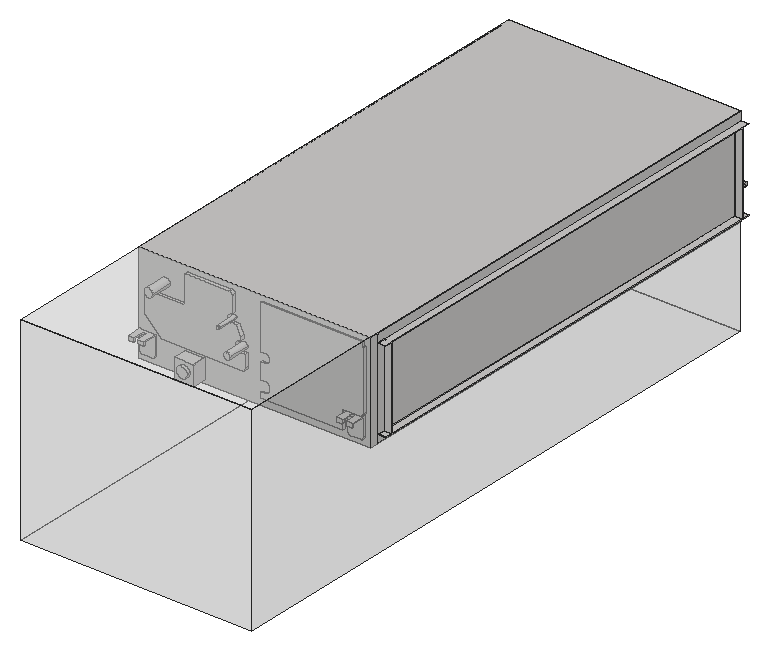
Revit family "outputfile", category 機械設備, Revit 2024
Family settings
  丸型コネクタ寸法 = 半径を使用
  パーツ タイプ = 標準
  OmniClass 番号 = 23.75.10.24.21.27.27
  OmniClass タイトル = Split System Air Conditioning Units
  作業面ベース = いいえ
  常に垂直 = はい
  ロード時にボイドで切り取り = いいえ
  注釈の向きを維持 = いいえ
  共有 = いいえ
  部屋計算ポイント = はい
Parameters (values of type "FXMQ200BFVM")
  Description = ""
  製造元 = "Daikin"
  書き出し IFC クラス(タイプ) = "IfcUnitaryEquipmentType"
  定義済み IFC タイプ(タイプ) = "AIRCONDITIONINGUNIT"
  Cost = 0
  モデル = "FXMQ200BFVM"
  Type Comments = ""
  Keynote = ""
  Type Image = (empty or 0)
  Assembly Code = ""
  w_dischargeflange = 1205.0 mm
  w_suctionflange = 1370.0 mm
  r_Liquid Pipe Size = Liquid Pipe Size / 2  # 4.75 mm
  r_Gas Pipe Size = Gas Pipe Size / 2  # 9.55 mm
  r_Drain Pipe Size = Drain Pipe Size / 2  # 12.5 mm
  lw_powersupply = 380.0 mm  # constant formula
  lw_mountinghole_pitch = 631.0 mm  # constant formula
  lw_mountinghole = 27.0 mm  # constant formula
  lw_maintenacesocket = 169.0 mm  # constant formula
  lw_liquidpipe = 290.0 mm  # constant formula
  lw_gaspipe = 318.0 mm  # constant formula
  lw_drainpipe = 80.0 mm  # constant formula
  lh_dischargeflange = 165.0 mm  # constant formula
  lh_powersupply = 56.0 mm  # constant formula
  lh_maintenacesocket = 40.0 mm  # constant formula
  lh_liquidpipe = 212.0 mm  # constant formula
  lh_gaspipe = 144.0 mm  # constant formula
  lh_drainpipe = 232.0 mm  # constant formula
  lh_suctionflange = 150.0 mm  # constant formula
  lh_antena = Height - lh_mountinghole + 1.0 mm  # 221.0 mm
  ld_dischargeflange = 635.0 mm
  ld_powersupply = Depth / 2  # 700.0 mm
  ld_mountinghole_pitch = 1438.0 mm
  ld_suctionflange = 713.0 mm
  h_dischargeflange = 265.0 mm  # constant formula
  lh_mountinghole = 80.0 mm  # constant formula
  h_mountinghole = [h***] + lh_mountinghole  # 80.0 mm
  h_suctionflange = 297.0 mm  # constant formula
  h*** = 0.0 mm  # constant formula
  d_dischargeflange = 25.0 mm  # constant formula
  d_pipe = 65.0 mm
  d_suctionflange = 25.0 mm  # constant formula
  Width = 700.0 mm
  Voltage_comment_60Hz = "220-230"
  Voltage_comment_50Hz = "220-240"
  Voltage_60Hz = 220 V
  Voltage_50Hz = 230 V
  Version = "ver.1.0"
  Unit Type = "Outdoor Air Processing Unit"
  Unit Mass Weight = 46.00 kg
  Unit Designation [instance] = ""
  Uniclass2015Version = "Products v1.30"
  Uniclass2015Title = "Variable refrigerant flow units"
  Uniclass2015Code = "Pr_70_65_03_94"
  URL = ""
  Total Cooling Capacity [instance] = 0.000 kW
  Supply Air Direction [instance] = yes
  Sound Pressure Level_M speed (dBA) = 35
  Sound Pressure Level_L speed (dBA) = 26
  Sound Pressure Level_H speed (dBA) = 42
  Sound Power Level_H speed (dB) = 0
  Series = "VRV Fan Coil Unit"
  Sensible Cooling Capacity [instance] = 0.000 kW
  SA Duct Size Width = 1160.0 mm
  SA Duct Size Height = 215.0 mm
  Refrigerant Type = "R410A"
  Power Input (Cooling) = 0.115 kW
  Phase_60Hz = 1
  Phase_50Hz = 1
  Option Accessory 3 [instance] = ""
  Option Accessory 2 [instance] = ""
  Option Accessory 1 [instance] = ""
  OA Duct Size Width = 1325.0 mm
  OA Duct Size Height = 247.0 mm
  Nominal Cooling Capacity = 22.400 kW
  Minimum External Static Pressure = 50.00 Pa
  Minimum Circuit Amps_60Hz = 2.75 A
  Minimum Circuit Amps_50Hz = 2.75 A
  Minimum Airflow = 870.00 m³/h
  Median Airflow = 1308.00 m³/h
  Maximum Fuse Amps_60Hz = 16.0 A
  Maximum Fuse Amps_50Hz = 16.0 A
  Maximum External Static Pressure = 200.00 Pa
  Maximum Airflow = 1740.00 m³/h
  Material_Casing = DAIKIN_GalvanizedSteel_Casing_indoorunit
  Load Classification = HVAC
  Liquid Pipe Size = 9.5 mm
  Link_Nested Family [instance] = ""
  IfcVersion = "0"
  IfcExportType = "AIRCONDITIONINGUNIT"
  IfcExportAs = "IfcUnitaryEquipmentType"
  Height = 300.0 mm
  Heat Exchanger Type = "Cross Fin Coil"
  Gas Pipe Size = 19.1 mm
  Frequency_60Hz = 60 Hz
  Frequency_50Hz = 50 Hz
  Fan Type = "Sirocco Fan"
  Fan Drive = "Direct Drive"
  FCU Tag No. [instance] = ""
  Drain Pipe Size = 25.0 mm
  Design Supply Airflow [instance] = 0.00 m³/h
  Design Outdoor Airflow [instance] = 0.00 m³/h
  Design External Static Pressure [instance] = 0.00 Pa
  Depth = 1400.0 mm
  既定の高さ = 0.0 mm
  Cooling Entering Wet Bulb Temperature [instance] = 0.00 °C
  Cooling Entering Dry Bulb Temperature [instance] = 0.00 °C
  Cooling Ambient Wet Bulb Temperature [instance] = 0.00 °C
  Cooling Ambient Dry Bulb Temperature [instance] = 0.00 °C
  Clearance visibility [instance] = yes
  Clearance Top = 0.0 mm
  Clearance Right = 0.0 mm
  Clearance Rear = 0.0 mm
  Clearance Left = 0.0 mm
  Clearance Front = 450.0 mm
  Clearance Bottom = 300.0 mm
Reference planes
  plane 1 "Center (Front/Back)": y = 0
  plane 2: z = 0
  plane 3 "Center (Left/Right)": x = 0
  plane 4 "Back": y = 700
  plane 5 "Front": y = -700
  plane 6 "Left": x = -350
  plane 7 "Right": x = 350
  plane 8 "Top": z = 0
  plane 9 "Bottom": z = -300
  plane 10: y = 700
  plane 11: y = -1150
  plane 12: x = 350
  plane 13: x = -350
  plane 14: z = 0
  plane 15: z = -600
  plane 16: y = -706
  plane 17: y = -710
  plane 18: y = -741
  plane 19: y = -749
  plane 20: y = -765
  plane 21 "ld_drainpipe": x = -270
  plane 22 "ld_liquidpipe": x = -60
  plane 23 "ld_gaspipe": x = -32
  plane 24 "lh_gaspipe": z = -156
  plane 25 "lh_drainpipe": z = -68
  plane 26 "lh_liquidpipe": z = -88
  plane 27 "h_mountinghole": z = -220
  plane 28: x = -323
  plane 29: x = 308
  plane 30: y = 719
  plane 31: y = -719
  plane 32 "lh_powersuply": z = -244
  plane 33 "ld_powersupply": x = 30
  plane 34 "lh_suctionflange": z = -150
  plane 35 "ld_suctionflange": y = 13
  plane 36 "ld_dischargeflange": y = 65
  plane 37 "lh_dischargeflange": z = -135
  plane 38 "lh_maintenacesocket": z = -260
  plane 39 "lw_maintenacesocket": x = -181
Forms (mm)
  Extrusion 1, solid, material "DAIKIN_GalvanizedSteel_Casing_indoorunit" <- "Material_Casing"
    sketch origin (0, 0, 0) x (1, 0, 0) y (0, 0, 1)
      loop
        line (-350, 0) -> (-350, -300) -> (350, -300) -> (350, 0) -> (-350, 0)
    from -700 to 700
  Extrusion 2, solid, material "DAIKIN_GalvanizedSteel_Casing_indoorunit" <- "Material_Casing"
    sketch origin (0, 0, 0) x (1, 0, 0) y (0, 0, 1)
      loop
        line (23.104, -151.299) -> (41.1, -151.326)
        arc (41.1, -151.326) -> (46.767, -153.673) -> (49.114, -159.34) r 8.015
        line (49.114, -159.34) -> (49.104, -169.302)
        arc (49.104, -169.302) -> (46.761, -174.959) -> (41.104, -177.302) r 8
        line (41.104, -177.302) -> (23.104, -177.302) -> (23.104, -227.302) -> (41.104, -227.302)
        arc (41.104, -227.302) -> (46.761, -229.645) -> (49.104, -235.302) r 8
        line (49.104, -235.302) -> (49.104, -251.302)
        arc (49.104, -251.302) -> (46.761, -256.959) -> (41.104, -259.302) r 8
        line (41.104, -259.302) -> (23.104, -259.302) -> (23.104, -274.802) -> (271.104, -274.802) -> (271.104, -224.802)
        arc (271.104, -224.802) -> (272.568, -221.266) -> (276.104, -219.802) r 5
        line (276.104, -219.802) -> (327.104, -219.802)
        spline (327.104, -219.802) -> (327.496, -219.776) -> (327.88, -219.7) -> (328.252, -219.574) -> (328.604, -219.4) -> (328.93, -219.182) -> (329.225, -218.923) -> (329.484, -218.628) -> (329.702, -218.302) -> (329.876, -217.95) -> (330.002, -217.578) -> (330.078, -217.194) -> (330.104, -216.802)
        line (330.104, -216.802) -> (330.104, -213) -> (332, -213)
        arc (332, -213) -> (334.121, -212.121) -> (335, -210) r 3
        line (335, -210) -> (335, -32)
        arc (335, -32) -> (334.121, -29.879) -> (332, -29) r 3
        line (332, -29) -> (330.104, -29) -> (330.104, -15.8) -> (23.104, -15.8) -> (23.104, -151.299)
    from 700 to 706
  Extrusion 3, solid, material "DAIKIN_GalvanizedSteel_Casing_indoorunit" <- "Material_Casing"
    sketch origin (0, 0, 0) x (1, 0, 0) y (0, 0, 1)
      loop
        line (-70, -15.8) -> (-201, -15.8)
        arc (-201, -15.8) -> (-203.121, -16.679) -> (-204, -18.8) r 3
        line (-204, -18.8) -> (-204, -102) -> (-321, -102)
        arc (-321, -102) -> (-323.121, -102.879) -> (-324, -105) r 3
        line (-324, -105) -> (-324, -167.757)
        arc (-324, -167.757) -> (-323.772, -168.905) -> (-323.121, -169.879) r 3
        line (-323.121, -169.879) -> (-274.879, -218.121)
        arc (-274.879, -218.121) -> (-273.905, -218.772) -> (-272.757, -219) r 3
        line (-272.757, -219) -> (-30, -219)
        arc (-30, -219) -> (-22.929, -216.071) -> (-20, -209) r 10
        line (-20, -209) -> (-20, -172.5) -> (-26.169, -172.5)
        arc (-26.169, -172.5) -> (-49.051, -159.94) -> (-34, -138.615) r 17.5
        line (-34, -138.615) -> (-34, -127.5) -> (-47, -100.5) -> (-56.429, -100.5)
        arc (-56.429, -100.5) -> (-72.874, -89.803) -> (-60, -75) r 13
        line (-60, -75) -> (-60, -25.8)
        arc (-60, -25.8) -> (-62.929, -18.729) -> (-70, -15.8) r 10
    from 710 to 700
  Extrusion 4, solid, material "DAIKIN_GalvanizedSteel_Casing_indoorunit" <- "Material_Casing"
    sketch origin (0, 0, 0) x (1, 0, 0) y (0, 0, 1)
      loop
        line (-209.102, -232.7) -> (-209.102, -292.398) -> (-152.898, -292.398) -> (-152.898, -232.7)
        arc (-152.898, -232.7) -> (-153.133, -232.133) -> (-153.7, -231.898) r 0.802
        line (-153.7, -231.898) -> (-208.298, -231.898)
        arc (-208.298, -231.898) -> (-208.865, -232.133) -> (-209.102, -232.7) r 0.802
    from 700 to 741
  Extrusion 5, solid, material "DAIKIN_GalvanizedSteel_Casing_indoorunit" <- "Material_Casing"
    sketch origin (0, 0, 0) x (1, 0, 0) y (0, 0, 1)
      loop
        circle (-181, -260) r 16.5
    from 741 to 749
  Extrusion 6, solid, material "DAIKIN_GalvanizedSteel_Casing_indoorunit" <- "Material_Casing"
    sketch origin (0, 0, 0) x (1, 0, 0) y (0, 0, 1)
      loop
        circle (-270, -68) r 12.5
      loop
        circle (-60, -88) r 4.75
      loop
        circle (-32, -156) r 9.55
    from 700 to 765
Dimensions and locks
  "Height": plane 8 "Top" to plane 9 "Bottom"
  equal spacing: plane 6 "Left", plane 3 "Center (Left/Right)", plane 7 "Right", locked at 350 each
  "Width": plane 6 "Left" to plane 7 "Right"
  equal spacing: plane 4 "Back", plane 1 "Center (Front/Back)", plane 5 "Front"
  "Depth": plane 4 "Back" to plane 5 "Front"
  "Clearance Left": plane 13 to plane 6 "Left"
  "Clearance Right": plane 7 "Right" to plane 12
  "Clearance Rear": plane 10 to plane 4 "Back"
  "Clearance Front": plane 5 "Front" to plane 11
  "Clearance Top": plane 14 to plane 8 "Top"
  "Clearance Bottom": plane 9 "Bottom" to plane 15
  Extrusion 2 sketch curve to Extrusion 2 sketch curve to Extrusion 2 sketch curve = 307.0 mm locked, 4.896 mm locked
  Extrusion 2 sketch curve to Extrusion 2 sketch curve to Extrusion 2 sketch curve to Extrusion 2 sketch curve to Extrusion 2 sketch curve = 26.0 mm locked, 222.0 mm locked, 59.0 mm locked, 4.896 mm locked
  locked: Extrusion 2 sketch curve to Extrusion 2 sketch curve at 26.01
  locked: Extrusion 2 sketch curve to nested 1 at 23.104
  locked: Extrusion 2 sketch curve to plane 3 "Center (Left/Right)" at 23.104
  plane 3 "Center (Left/Right)" to Extrusion 2 sketch curve = 23.104 mm
  Extrusion 2 sketch curve to Extrusion 2 sketch curve to Extrusion 2 sketch curve to Extrusion 2 sketch curve to Extrusion 2 sketch curve = 161.502 mm locked, 50.0 mm locked, 32.0 mm locked, 15.5 mm locked
  locked: Extrusion 2 sketch curve to Extrusion 2 sketch curve at 68.127
  locked: Extrusion 2 sketch curve to Extrusion 2 sketch curve at 13.2
  locked: Extrusion 2 sketch curve to Extrusion 2 sketch curve at 6.802
  locked: Extrusion 2 sketch curve to Extrusion 2 sketch curve at 55
  locked: plane 5 "Front" to plane 16 at 6
  locked: plane 5 "Front" to plane 17 at 10
  locked: plane 5 "Front" to plane 18 at 41
  "d_pipe": plane 5 "Front" to plane 20
  "lw_drainpipe": plane 6 "Left" to plane 21 "ld_drainpipe"
  "lw_liquidpipe": plane 6 "Left" to plane 22 "ld_liquidpipe"
  "lw_gaspipe": plane 6 "Left" to plane 23 "ld_gaspipe"
  "lh_gaspipe": plane 24 "lh_gaspipe" to plane 9 "Bottom"
  "lh_liquidpipe": plane 26 "lh_liquidpipe" to plane 9 "Bottom"
  "lh_drainpipe": plane 25 "lh_drainpipe" to plane 9 "Bottom"
  "lh_mountinghole": plane 27 "h_mountinghole" to plane 9 "Bottom"
  "lw_mountinghole": plane 6 "Left" to plane 28
  "lw_mountinghole_pitch": plane 28 to plane 29
  equal spacing: plane 30, plane 1 "Center (Front/Back)", plane 31
  "ld_mountinghole_pitch": plane 30 to plane 31
  locked: Extrusion 3 sketch curve to plane 6 "Left" at 146
  locked: Extrusion 3 sketch curve to plane 6 "Left" at 290
  locked: plane 6 "Left" to Extrusion 3 sketch curve at 26
  locked: Extrusion 3 sketch curve to plane 6 "Left" at 316
  locked: Extrusion 3 sketch curve to plane 6 "Left" at 330
  locked: Extrusion 3 sketch curve to plane 9 "Bottom" at 81
  locked: Extrusion 3 sketch curve to plane 9 "Bottom" at 284.2
  locked: Extrusion 3 sketch curve to plane 9 "Bottom" at 199.5
  locked: Extrusion 3 sketch curve to plane 9 "Bottom" at 127.5
  locked: Extrusion 3 sketch curve to plane 9 "Bottom" at 198
  "lh_powersupply": plane 32 "lh_powersuply" to plane 9 "Bottom"
  "lw_powersupply": plane 6 "Left" to plane 33 "ld_powersupply"
  "lh_suctionflange": plane 34 "lh_suctionflange" to plane 9 "Bottom"
  "ld_suctionflange": plane 35 "ld_suctionflange" to plane 5 "Front"
  "ld_dischargeflange": plane 4 "Back" to plane 36 "ld_dischargeflange"
  "lh_dischargeflange": plane 37 "lh_dischargeflange" to plane 9 "Bottom"
  locked: plane 5 "Front" to plane 19 at 49
  "lh_maintenacesocket": plane 38 "lh_maintenacesocket" to plane 9 "Bottom"
  "lw_maintenacesocket": plane 6 "Left" to plane 39 "lw_maintenacesocket"
  equal spacing: Extrusion 4 sketch curve, plane 39 "lw_maintenacesocket", Extrusion 4 sketch curve
  locked: Extrusion 4 sketch curve to Extrusion 4 sketch curve at 56.204
  Extrusion 4 sketch curve to plane 38 "lh_maintenacesocket" to Extrusion 4 sketch curve = 28.102 mm locked, 32.398 mm locked
  "r_Drain Pipe Size": radius of Extrusion 6 sketch curve
  "r_Liquid Pipe Size": radius of Extrusion 6 sketch curve
  "r_Gas Pipe Size": radius of Extrusion 6 sketch curve
  aligned and locked: level to plane 2
  aligned and locked: Extrusion 1 sketch curve to plane 8 "Top"
  aligned and locked: plane 6 "Left" to Extrusion 1 sketch curve
  aligned and locked: plane 9 "Bottom" to Extrusion 1 sketch curve
  aligned and locked: Extrusion 1 sketch curve to plane 7 "Right"
  aligned and locked: plane 4 "Back" to Extrusion 1
  aligned and locked: Extrusion 1 to plane 5 "Front"
  aligned and locked: plane 10 to nested 1
  aligned and locked: plane 11 to nested 1
  aligned and locked: plane 12 to nested 1
  aligned and locked: nested 1 to plane 13
  aligned and locked: plane 15 to nested 1
  aligned and locked: plane 14 to nested 1
  aligned and locked: Extrusion 2 to plane 16
  aligned and locked: plane 5 "Front" to Extrusion 2
  aligned and locked: Extrusion 4 to plane 18
  aligned and locked: plane 5 "Front" to Extrusion 4
  aligned and locked: Extrusion 5 to plane 19
  aligned and locked: plane 18 to Extrusion 5
  aligned and locked: plane 25 "lh_drainpipe" to Extrusion 6 sketch curve
  aligned and locked: plane 21 "ld_drainpipe" to Extrusion 6 sketch curve
  aligned and locked: plane 26 "lh_liquidpipe" to Extrusion 6 sketch curve
  aligned and locked: plane 22 "ld_liquidpipe" to Extrusion 6 sketch curve
  aligned and locked: plane 23 "ld_gaspipe" to Extrusion 6 sketch curve
  aligned and locked: plane 24 "lh_gaspipe" to Extrusion 6 sketch curve
  aligned and locked: Extrusion 6 to plane 20
  aligned and locked: plane 5 "Front" to Extrusion 6
  aligned and locked: nested 2 to plane 5 "Front"
  aligned and locked: nested 2 to plane 21 "ld_drainpipe"
  aligned and locked: plane 25 "lh_drainpipe" to nested 2
  aligned and locked: nested 3 to plane 5 "Front"
  aligned and locked: nested 4 to plane 5 "Front"
  aligned and locked: plane 26 "lh_liquidpipe" to nested 3
  aligned and locked: plane 24 "lh_gaspipe" to nested 4
  aligned and locked: plane 29 to nested 5
  aligned and locked: plane 4 "Back" to nested 5
  aligned and locked: plane 27 "h_mountinghole" to nested 5
  aligned and locked: plane 28 to nested 6
  aligned and locked: plane 4 "Back" to nested 6
  aligned and locked: plane 27 "h_mountinghole" to nested 6
  aligned and locked: nested 7 to plane 29
  aligned and locked: plane 5 "Front" to nested 7
  aligned and locked: plane 5 "Front" to nested 8
  aligned and locked: nested 8 to plane 28
  aligned and locked: nested 7 to plane 27 "h_mountinghole"
  aligned and locked: nested 8 to plane 27 "h_mountinghole"
  aligned and locked: Extrusion 3 to plane 17
  aligned and locked: plane 5 "Front" to Extrusion 3
  aligned and locked: nested 11 to plane 28
  aligned and locked: nested 11 to plane 30
  aligned and locked: nested 12 to plane 29
  aligned and locked: nested 12 to plane 30
  aligned and locked: nested 9 to plane 29
  aligned and locked: plane 31 to nested 9
  aligned and locked: nested 10 to plane 28
  aligned and locked: plane 31 to nested 10
  aligned and locked: nested 13 to plane 32 "lh_powersuply"
  aligned and locked: plane 1 "Center (Front/Back)" to nested 14
  aligned and locked: nested 14 to plane 3 "Center (Left/Right)"
  aligned and locked: plane 34 "lh_suctionflange" to nested 15
  aligned and locked: plane 7 "Right" to nested 15
  aligned and locked: plane 35 "ld_suctionflange" to nested 15
  aligned and locked: nested 16 to plane 36 "ld_dischargeflange"
  aligned and locked: nested 16 to plane 6 "Left"
  aligned and locked: plane 37 "lh_dischargeflange" to nested 16
  aligned and locked: nested 17 to plane 6 "Left"
  aligned and locked: nested 17 to plane 36 "ld_dischargeflange"
  aligned and locked: plane 7 "Right" to nested 18
  aligned and locked: plane 35 "ld_suctionflange" to nested 18
  aligned and locked: nested 18 to plane 34 "lh_suctionflange"
  aligned and locked: nested 17 to plane 37 "lh_dischargeflange"
  aligned and locked: plane 38 "lh_maintenacesocket" to Extrusion 5 sketch curve
  aligned and locked: plane 39 "lw_maintenacesocket" to Extrusion 5 sketch curve
  aligned and locked: nested 3 to plane 22 "ld_liquidpipe"
  aligned and locked: nested 4 to plane 23 "ld_gaspipe"
  aligned and locked: nested 13 to plane 33 "ld_powersupply"
  aligned and locked: level to plane 8 "Top"
Automatic sketch dimensions
  Extrusion 2 sketch curve to Extrusion 2 sketch curve = 0.027 mm
  Extrusion 2 sketch curve to Extrusion 2 sketch curve = 8.015 mm
  Extrusion 2 sketch curve to Extrusion 2 sketch curve = 8.01 mm
  Extrusion 2 sketch curve to Extrusion 2 sketch curve = 0.0 mm  (x4)
  Extrusion 2 sketch curve to Extrusion 2 sketch curve = 8.0 mm  (x3)
  Extrusion 2 sketch curve to Extrusion 2 sketch curve = 5.0 mm
  Extrusion 2 sketch curve to Extrusion 2 sketch curve = 3.0 mm  (x2)
  Extrusion 2 sketch curve to Extrusion 2 sketch curve = 1.896 mm  (x2)
  Extrusion 2 sketch curve to plane 8 "Top" = 15.8 mm
  Extrusion 4 sketch curve to Extrusion 4 sketch curve = 0.804 mm
  Extrusion 4 sketch curve to Extrusion 4 sketch curve = 0.802 mm  (x2)
  Extrusion 4 sketch curve to Extrusion 4 sketch curve = 0.0 mm
  plane 23 "ld_gaspipe" to Extrusion 3 sketch curve = 0.0 mm
  Extrusion 3 sketch curve to plane 24 "lh_gaspipe" = 0.0 mm
  Extrusion 3 sketch curve to plane 26 "lh_liquidpipe" = 0.0 mm
  plane 28 to Extrusion 3 sketch curve = 0.121 mm
  Extrusion 3 sketch curve to plane 28 = 2.0 mm  (x2)
  plane 21 "ld_drainpipe" to Extrusion 3 sketch curve = 4.879 mm
  plane 21 "ld_drainpipe" to Extrusion 3 sketch curve = 2.757 mm
  Extrusion 3 sketch curve to Extrusion 3 sketch curve = 3.0 mm  (x2)
  plane 22 "ld_liquidpipe" to Extrusion 3 sketch curve = 10.0 mm
  Extrusion 3 sketch curve to plane 22 "ld_liquidpipe" = 3.571 mm
  Extrusion 3 sketch curve to Extrusion 3 sketch curve = 9.429 mm
  Extrusion 3 sketch curve to plane 23 "ld_gaspipe" = 2.0 mm
  Extrusion 3 sketch curve to plane 23 "ld_gaspipe" = 5.831 mm
  Extrusion 3 sketch curve to plane 24 "lh_gaspipe" = 11.757 mm
  Extrusion 3 sketch curve to Extrusion 3 sketch curve = 11.115 mm
  radius of Extrusion 5 sketch curve = 16.5 mm
Nested families
  nested 1: "daikin_clearancespace" at (0, -225, -299.881), visible <- "Clearance visibility", show <- "Clearance visibility", Link_Nested Family <- "Link_Nested Family", type "daikin_clearancespace"
    with width 700.0 mm, show yes, height 600.0 mm, depth 1850.0 mm, Link_Nested Family ""
  nested 2: "daikin_connector_rotate2" at (-270, -700, -68), length <- "d_pipe", radius <- "r_Drain Pipe Size", type "daikin_connector_rotate2"
    with radius 12.5 mm, length 65.0 mm, angle_vertical 90.00°, show_face no
  nested 3: "daikin_connector_rotate2" at (-60, -700, -88), length <- "d_pipe", radius <- "r_Liquid Pipe Size", type "daikin_connector_rotate2"
    with radius 4.75 mm, length 65.0 mm, angle_vertical 90.00°, show_face no
  nested 4: "daikin_connector_rotate2" at (-32, -700, -156), length <- "d_pipe", radius <- "r_Gas Pipe Size", type "daikin_connector_rotate2"
    with radius 9.55 mm, length 65.0 mm, angle_vertical 90.00°, show_face no
  nested 5: "daikin_hangerfixture_FXMQ-BFVM" at (308, 700, -220) x (-1, 0, 0) z (0, 0, 1), type "daikin_hangerfixture_FXMQ-BFVM"
  nested 6: "daikin_hangerfixture_FXMQ-BFVM" at (-323, 700, -220) x (-1, 0, 0) z (0, 0, 1), type "daikin_hangerfixture_FXMQ-BFVM"
  nested 7: "daikin_hangerfixture_FXMQ-BFVM" at (308, -700, -220) x (-1, 0, 0) z (0, 0, 1), type "daikin_hangerfixture_FXMQ-BFVM"
  nested 8: "daikin_hangerfixture_FXMQ-BFVM" at (-323, -700, -220) x (-1, 0, 0) z (0, 0, 1), type "daikin_hangerfixture_FXMQ-BFVM"
  nested 9: "daikin_mountinghole" at (308, -719, -300), Link_Nested Family <- "Link_Nested Family", l_antenna <- "lh_antena", h_mountinghole <- "h_mountinghole", type "daikin_mountinghole"
    with show yes, l_antenna 221.0 mm, h_mountinghole 80.0 mm, Link_Nested Family ""
  nested 10: "daikin_mountinghole" at (-323, -719, -300), Link_Nested Family <- "Link_Nested Family", l_antenna <- "lh_antena", h_mountinghole <- "h_mountinghole", type "daikin_mountinghole"
    with show yes, l_antenna 221.0 mm, h_mountinghole 80.0 mm, Link_Nested Family ""
  nested 11: "daikin_mountinghole" at (-323, 719, -300), Link_Nested Family <- "Link_Nested Family", l_antenna <- "lh_antena", h_mountinghole <- "h_mountinghole", type "daikin_mountinghole"
    with show yes, l_antenna 221.0 mm, h_mountinghole 80.0 mm, Link_Nested Family ""
  nested 12: "daikin_mountinghole" at (308, 719, -300), Link_Nested Family <- "Link_Nested Family", l_antenna <- "lh_antena", h_mountinghole <- "h_mountinghole", type "daikin_mountinghole"
    with show yes, l_antenna 221.0 mm, h_mountinghole 80.0 mm, Link_Nested Family ""
  nested 13: "daikin_connector_rotate2" at (30, 0, -244), length <- "ld_powersupply", type "daikin_connector_rotate2"
    with radius 10.0 mm, length 700.0 mm, angle_vertical 90.00°, show_face no
  nested 14: "daikin_△_symbolicline" at (0, 0, 300) x (0, -1, 0) z (0, 0, 1), visible <- "Supply Air Direction", built-in parameter 1001364 <- "Height", type "daikin_△_symbolicline"
    with length 300.0 mm
  nested 15: "daikin_ductflange_FXMQ-BFVM" at (350, 13, -298.5) x (0, 1, 0) z (0, 0, 1), depth <- "d_suctionflange", height <- "h_suctionflange", width <- "w_suctionflange", material <- "Material_Casing", type "daikin_ductflange_FXMQ-BFVM"
    with width 1370.0 mm, top1 25.0 mm, right1 22.5 mm, material DAIKIN_GalvanizedSteel_Casing_indoorunit, left1 22.5 mm, height 297.0 mm, depth 25.0 mm, Bottom1 25.0 mm
  nested 16: "daikin_ductflange_FXMQ-BFVM" at (-350, 65, -267.5) x (0, -1, 0) z (0, 0, 1), material <- "Material_Casing", depth <- "d_dischargeflange", height <- "h_dischargeflange", width <- "w_dischargeflange", type "daikin_ductflange_FXMQ-BFVM"
    with width 1205.0 mm, top1 25.0 mm, right1 22.5 mm, material DAIKIN_GalvanizedSteel_Casing_indoorunit, left1 22.5 mm, height 265.0 mm, depth 25.0 mm, Bottom1 25.0 mm
  nested 17: "daikin_connector_rotate2" at (-350, 65, -135) x (0, -1, 0) z (0, 0, 1), length <- "d_dischargeflange", type "daikin_connector_rotate2"
    with radius 10.0 mm, length 25.0 mm, angle_vertical 90.00°, show_face no
  nested 18: "daikin_connector_rotate2" at (350, 13, -150) x (0, 1, 0) z (0, 0, 1), length <- "d_suctionflange", type "daikin_connector_rotate2"
    with radius 10.0 mm, length 25.0 mm, angle_vertical 90.00°, show_face no
Connectors
  piping at (-270, -765, -68), diameter 25, driven by "r_Drain Pipe Size"
    settings: on nested 2, index 1, connector inside diameter 609.6 mm, connector length 0.0 mm, flow factor 0, pipe flow 0.00 m³/h, pressure drop 0.0 Pa, fitting loss kfactor 0, connector angle 0.00°, fixture units 0, engagement length 0.0 mm, angle of deflection 0.00°, flow configuration 1, flow direction 2, fitting loss method 4, system type 16, joint type 0, gender type 0, connector reference index -1, connector utility 0, adjustable connector no, is connector primary yes, connector description "Condensate Drain Piping"
  piping at (-60, -765, -88), diameter 9.5, driven by "r_Liquid Pipe Size"
    settings: on nested 3, index 2, connector inside diameter 609.6 mm, connector length 0.0 mm, flow factor 0, pipe flow 0.00 m³/h, pressure drop 0.0 Pa, fitting loss kfactor 0, connector angle 0.00°, fixture units 0, engagement length 0.0 mm, angle of deflection 0.00°, flow configuration 1, flow direction 1, fitting loss method 0, system type 29, joint type 0, gender type 0, connector reference index -1, connector utility 0, adjustable connector no, is connector primary no, connector description "Refrigerant Liquid Piping"
  piping at (-32, -765, -156), diameter 19.1, driven by "r_Gas Pipe Size"
    settings: on nested 4, index 3, connector inside diameter 609.6 mm, connector length 0.0 mm, flow factor 0, pipe flow 0.00 m³/h, pressure drop 0.0 Pa, fitting loss kfactor 0, connector angle 0.00°, fixture units 0, engagement length 0.0 mm, angle of deflection 0.00°, flow configuration 1, flow direction 2, fitting loss method 0, system type 29, joint type 0, gender type 0, connector reference index -1, connector utility 0, adjustable connector no, is connector primary no, connector description "Refrigerant Gas Piping"
  electrical at (30, -700, -244), driven by "Load Classification"
    settings: on nested 13, index 4, voltage 0 V, apparent load 0 VA, apparent load phase1 0 VA, apparent load phase2 0 VA, apparent load phase3 0 VA, power factor 1, load classification "HVAC", number of poles 1, system type 30, power factor state 1, is connector primary yes, connector utility no, sub classification motor no, connector description "Power Supply"
  hvac at (375, 13, -150), driven by "OA Duct Size Height", driven by "OA Duct Size Width"
    settings: on nested 15, index 5, duct flow 0.00 m³/h, flow factor 0, pres drop 0.00 Pa, loss coef 0, conn angle 0.00°, conn width 1325.0 mm, conn height 247.0 mm, conn diameter 609.6 mm, duct sys type 1, conn prof type 1, flow config 0, flow direction 1, loss method 4, conn ref index -1, conn util no, is conn primary no, conn desc "OA Duct"
  hvac at (-375, 65, -135), driven by "SA Duct Size Height", driven by "SA Duct Size Width"
    settings: on nested 16, index 6, duct flow 0.00 m³/h, flow factor 0, pres drop 0.00 Pa, loss coef 0, conn angle 0.00°, conn width 1160.0 mm, conn height 215.0 mm, conn diameter 609.6 mm, duct sys type 1, conn prof type 1, flow config 0, flow direction 2, loss method 4, conn ref index -1, conn util no, is conn primary yes, conn desc "SA Duct"
Definition of nested family "daikin_clearancespace"
  Parameters (values of type "daikin_clearancespace")
    width [instance] = 1823.963 mm
    show [instance] = yes
    material = none
    height [instance] = 1359.762 mm
    depth [instance] = 880.0 mm
    Default Elevation = 0.0 mm
    Link_Nested Family [instance] = ""
  Reference planes
    plane 1 "Center (Front/Back)": y = 0
    plane 2 "Center (Elevation)": z = -0.119
    plane 3 "Center (Left/Right)": x = 0
    plane 4: y = 440
    plane 5: y = -440
    plane 6 "Right": x = 911.982
    plane 7 "Left": x = -911.982
    plane 8 "Top": z = 679.762
    plane 9 "Bottom": z = -680
  Forms (mm)
    Extrusion 1, solid, material <- "material", visible <- "show"
      sketch origin (0, 0, 0) x (1, 0, 0) y (0, 1, 0)
        loop
          line (-911.982, 440) -> (-911.982, -440) -> (911.982, -440) -> (911.982, 440) -> (-911.982, 440)
      from -680 to 679.762
  Lines and regions (mm)
    symbolic lines, visible <- "show"
      curve 1: line (911.982, 440, 0) -> (-911.982, 440, 0)
      curve 2: line (-911.982, 440, 0) -> (-911.982, -440, 0)
      curve 3: line (-911.982, -440, 0) -> (911.982, -440, 0)
      curve 4: line (911.982, -440, 0) -> (911.982, 440, 0)
      curve 5: line (911.982, 0, 679.762) -> (-911.982, 0, 679.762)
      curve 6: line (911.982, 0, -680) -> (911.982, 0, 679.762)
      curve 7: line (-911.982, 0, -680) -> (911.982, 0, -680)
      curve 8: line (-911.982, 0, 679.762) -> (-911.982, 0, -680)
      curve 9: line (0, 440, 679.762) -> (0, -440, 679.762)
      curve 10: line (0, -440, 679.762) -> (0, -440, -680)
      curve 11: line (0, 440, -680) -> (0, 440, 679.762)
      curve 12: line (0, -440, -680) -> (0, 440, -680)
  Dimensions and locks
    "width": plane 7 "Left" to plane 6 "Right"
    "depth": plane 4 to plane 5
    "height": plane 8 "Top" to plane 9 "Bottom"
    equal spacing: plane 7 "Left", plane 3 "Center (Left/Right)", plane 6 "Right"
    equal spacing: plane 4, plane 1 "Center (Front/Back)", plane 5
    equal spacing: plane 8 "Top", plane 2 "Center (Elevation)", plane 9 "Bottom"
    aligned and locked: level to plane 2 "Center (Elevation)"
    aligned and locked: Extrusion 1 sketch curve to plane 4
    aligned and locked: plane 7 "Left" to Extrusion 1 sketch curve
    aligned and locked: Extrusion 1 sketch curve to plane 5
    aligned and locked: Extrusion 1 sketch curve to plane 6 "Right"
    aligned and locked: plane 8 "Top" to Extrusion 1
    aligned and locked: curve 1 to Extrusion 1
    aligned and locked: curve 2 to Extrusion 1
    aligned and locked: curve 3 to Extrusion 1
    aligned and locked: curve 4 to Extrusion 1
    aligned and locked: curve 5 to Extrusion 1
    aligned and locked: curve 6 to Extrusion 1
    aligned and locked: curve 7 to Extrusion 1
    aligned and locked: curve 8 to Extrusion 1
    aligned and locked: curve 9 to Extrusion 1
    aligned and locked: curve 10 to Extrusion 1
    aligned and locked: curve 11 to Extrusion 1
    aligned and locked: curve 12 to Extrusion 1
    aligned and locked: Extrusion 1 to plane 9 "Bottom"
Definition of nested family "daikin_hangerfixture_FXMQ-BFVM"
  Parameters (values of type "daikin_hangerfixture_CeilingMountedDuct")
    width = 48.0 mm
    material = none
    height = 65.0 mm
    depth = 45.0 mm
    Default Elevation = 0.0 mm
  Reference planes
    plane 1 "Center (Front/Back)": y = 0
    plane 2: z = 0
    plane 3 "Center (Left/Right)": x = 0
    plane 4: y = 417.146
    plane 5: y = -45
    plane 6: x = -24
    plane 7: x = 24
    plane 8: z = -2.3
    plane 9: z = -65
    plane 10: y = -2.3
    plane 11: z = -12
    plane 12: y = -42.7
  Forms (mm)
    Extrusion 1, solid, material <- "material"
      sketch origin (0, 0, 0) x (1, 0, 0) y (0, 1, 0)
        loop
          line (24, 0) -> (-24, 0) -> (-24, -45) -> (-6, -45) -> (-6, -19)
          arc (-6, -19) -> (0, -13) -> (6, -19) r 6
          line (6, -19) -> (6, -45) -> (24, -45) -> (24, 0)
      from 0 to -2.3
    Extrusion 2, solid, material <- "material"
      sketch origin (0, 0, 0) x (1, 0, 0) y (0, 0, 1)
        loop
          line (24, -55) -> (24, 0) -> (-24, 0) -> (-24, -55)
          arc (-24, -55) -> (-21.071, -62.071) -> (-14, -65) r 10
          line (-14, -65) -> (14, -65)
          arc (14, -65) -> (21.071, -62.071) -> (24, -55) r 10
      from 0 to 2.3
    Extrusion 3, solid, material <- "material"
      sketch origin (0, 0, 0) x (1, 0, 0) y (0, 0, 1)
        loop
          line (-6, -9) -> (-6, 0) -> (-24, 0) -> (-24, -9)
          arc (-24, -9) -> (-23.121, -11.121) -> (-21, -12) r 3
          line (-21, -12) -> (-9, -12)
          arc (-9, -12) -> (-6.879, -11.121) -> (-6, -9) r 3
        loop
          line (6, 0) -> (6, -9)
          arc (6, -9) -> (6.879, -11.121) -> (9, -12) r 3
          line (9, -12) -> (21, -12)
          arc (21, -12) -> (23.121, -11.121) -> (24, -9) r 3
          line (24, -9) -> (24, 0) -> (6, 0)
      from 42.7 to 45
  Cuts and joins
    joined: Extrusion 1, Extrusion 2, Extrusion 3
  Dimensions and locks
    "width": plane 6 to plane 7
    "depth": plane 5 to plane 1 "Center (Front/Back)"
    plane 2 to plane 8 = 2.3 mm
    "height": plane 2 to plane 9
    locked: plane 10 to plane 1 "Center (Front/Back)" at 2.3
    locked: plane 2 to plane 11 at 12
    locked: plane 12 to plane 5 at 2.3
    aligned and locked: level to plane 2
    aligned and locked: Extrusion 1 sketch curve to plane 1 "Center (Front/Back)"
    aligned and locked: plane 7 to Extrusion 1
    aligned and locked: Extrusion 1 to plane 6
    aligned and locked: Extrusion 1 to plane 5  (x2)
    aligned and locked: Extrusion 1 to plane 8
    aligned and locked: plane 2 to Extrusion 1
    aligned and locked: plane 2 to Extrusion 2 sketch curve
    aligned and locked: Extrusion 2 to plane 9
    aligned and locked: Extrusion 2 to plane 10
    aligned and locked: Extrusion 2 to plane 1 "Center (Front/Back)"
    aligned and locked: plane 2 to Extrusion 3 sketch curve  (x2)
    aligned and locked: Extrusion 3 to plane 11  (x2)
    aligned and locked: plane 12 to Extrusion 3
    aligned and locked: Extrusion 3 to plane 5
  Automatic sketch dimensions
    Extrusion 1 sketch curve to plane 6 = 0.0 mm
    Extrusion 1 sketch curve to plane 5 = 0.0 mm  (x2)
    Extrusion 1 sketch curve to plane 3 "Center (Left/Right)" = 0.0 mm
    Extrusion 1 sketch curve to plane 7 = 0.0 mm
    Extrusion 1 sketch curve to plane 3 "Center (Left/Right)" = 6.0 mm
    plane 1 "Center (Front/Back)" to Extrusion 1 sketch curve = 19.0 mm
    Extrusion 2 sketch curve to plane 7 = 0.0 mm
    Extrusion 2 sketch curve to plane 7 = 10.0 mm
    Extrusion 2 sketch curve to plane 8 = 52.7 mm
    plane 6 to Extrusion 2 sketch curve = 10.0 mm
    Extrusion 2 sketch curve to plane 6 = 0.0 mm
    Extrusion 3 sketch curve to plane 6 = 0.0 mm
    Extrusion 3 sketch curve to plane 7 = 0.0 mm
    Extrusion 3 sketch curve to Extrusion 3 sketch curve = 3.0 mm  (x2)
    Extrusion 3 sketch curve to plane 8 = 6.7 mm
    Extrusion 3 sketch curve to plane 3 "Center (Left/Right)" = 9.0 mm
    Extrusion 3 sketch curve to plane 3 "Center (Left/Right)" = 6.0 mm
    plane 3 "Center (Left/Right)" to Extrusion 3 sketch curve = 6.0 mm
    Extrusion 3 sketch curve to plane 7 = 3.0 mm
    Extrusion 3 sketch curve to plane 8 = 9.7 mm
Definition of nested family "daikin_ductflange_FXMQ-BFVM"
  Parameters (values of type "daikin_ductflange_CeilingMountedDuct")
    width [instance] = 670.0 mm
    right1 [instance] = 22.5 mm
    left1 [instance] = 22.5 mm
    Bottom1 [instance] = 25.0 mm
    material [instance] = none
    height [instance] = 272.0 mm
    depth [instance] = 25.0 mm
    top1 [instance] = 25.0 mm
    Default Elevation = 0.0 mm
  Reference planes
    plane 1 "Center (Front/Back)": y = 0
    plane 2: z = 0
    plane 3 "Center (Left/Right)": x = 0
    plane 4: y = -25
    plane 5: x = -335
    plane 6: x = 335
    plane 7 "Top": z = 272
    plane 8: y = -1
    plane 9: x = -312.5
    plane 10: x = 312.5
    plane 11: z = 247
    plane 12: z = 25
    plane 13 "Center (Elevation)": z = 136
  Forms (mm)
    Extrusion 1, solid, material <- "material"
      sketch origin (0, 0, 0) x (1, 0, 0) y (0, 0, 1)
        loop
          line (-335, 272) -> (-335, 0) -> (335, 0) -> (335, 272) -> (-335, 272)
        loop
          line (-312.5, 247) -> (-312.5, 25) -> (312.5, 25) -> (312.5, 247) -> (-312.5, 247)
      from 0 to 1
    Extrusion 2, solid, material <- "material"
      sketch origin (0, 0, 0) x (1, 0, 0) y (0, 1, 0)
        loop
          line (-312.5, -1) -> (-313.496, -1) -> (-313.496, -25) -> (-312.5, -25) -> (-312.5, -1)
        loop
          line (312.5, -1) -> (312.5, -25) -> (313.496, -25) -> (313.496, -1) -> (312.5, -1)
      from 25 to 247
    Extrusion 3, solid, material <- "material"
      sketch origin (0, 0, 0) x (0, 1, 0) y (0, 0, 1)
        loop
          line (-1, 247) -> (-1, 247.958) -> (-25, 247.958) -> (-25, 247) -> (-1, 247)
        loop
          line (-1, 25) -> (-25, 25) -> (-25, 24.042) -> (-1, 24.042) -> (-1, 25)
      from -335 to 335
  Cuts and joins
    joined: Extrusion 1, Extrusion 2, Extrusion 3
  Dimensions and locks
    "height": plane 7 "Top" to plane 2
    "width": plane 5 to plane 6
    equal spacing: plane 5, plane 3 "Center (Left/Right)", plane 6
    "depth": plane 1 "Center (Front/Back)" to plane 4
    locked: plane 8 to plane 1 "Center (Front/Back)" at 1
    "left1": plane 5 to plane 9
    "right1": plane 10 to plane 6
    locked: Extrusion 2 sketch curve to Extrusion 2 sketch curve at 0.996  (x2)
    "top1": plane 7 "Top" to plane 11
    "Bottom1": plane 12 to plane 2
    equal spacing: plane 7 "Top", plane 13 "Center (Elevation)", plane 2
    locked: Extrusion 3 sketch curve to Extrusion 2 at 0.958  (x2)
    aligned and locked: level to plane 2
    aligned and locked: Extrusion 1 sketch curve to plane 7 "Top"
    aligned and locked: plane 5 to Extrusion 1 sketch curve
    aligned and locked: Extrusion 1 sketch curve to plane 6
    aligned and locked: plane 2 to Extrusion 1 sketch curve
    aligned and locked: Extrusion 1 to plane 8
    aligned and locked: Extrusion 2 sketch curve to plane 8
    aligned and locked: Extrusion 2 sketch curve to plane 9
    aligned and locked: plane 8 to Extrusion 2 sketch curve
    aligned and locked: Extrusion 2 sketch curve to plane 10
    aligned and locked: plane 11 to Extrusion 2
    aligned and locked: Extrusion 2 to plane 12
    aligned and locked: plane 8 to Extrusion 3 sketch curve
    aligned and locked: Extrusion 3 sketch curve to plane 11
    aligned and locked: Extrusion 3 sketch curve to plane 8
    aligned and locked: Extrusion 3 sketch curve to plane 12
    aligned and locked: Extrusion 3 to plane 5
    aligned and locked: plane 6 to Extrusion 3
    aligned and locked: plane 4 to Extrusion 2 sketch curve
    aligned and locked: Extrusion 2 sketch curve to plane 4
    aligned and locked: plane 4 to Extrusion 3 sketch curve
    aligned and locked: Extrusion 3 sketch curve to plane 4
    aligned and locked: plane 9 to Extrusion 1 sketch curve
    aligned and locked: Extrusion 1 sketch curve to plane 10
    aligned and locked: plane 12 to Extrusion 1 sketch curve
    aligned and locked: Extrusion 1 sketch curve to plane 11
Definition of nested family "daikin_connector_rotate2"
  Parameters (values of type "daikin_connector_rotate2")
    show_face = yes
    radius [instance] = 10.0 mm
    length [instance] = 600.0 mm
    d_surface = 10.0 mm
    angle_vertical [instance] = 90.00°
    Default Elevation = 0.0 mm
  Reference planes
    plane 1 "Center (Front/Back)": y = 0
    plane 2: z = 0
    plane 3 "Center (Left/Right)": x = 0
  Forms (mm)
    Extrusion 1, solid, visible <- "show_face"
      sketch origin (0, -600, 0) x (1, 0, 0) y (0, 0, 1)
        loop
          circle (0, 0) r 10
      from 0 to -10
  Lines and regions (mm)
    reference lines
      curve 1: line (0, 0, 0) -> (0, -600, 0)
    symbolic lines
      curve 2: circle (0, 0, 0) r 5 normal (0, 0, 1)
    model lines, visible <- "show_face"
      curve 3: line (0, 0, 0) -> (0, -600, 0)
  Dimensions and locks
    "length": curve 1 to curve 1
    "length": curve 3 to curve 3
    "d_surface": Extrusion 1 to Extrusion 1
    "radius": radius of Extrusion 1 sketch curve
    "angle_vertical": angle curve 1 to plane 1 "Center (Front/Back)"
    "angle_vertical": angle curve 3 to plane 1 "Center (Front/Back)"
    aligned and locked: level to plane 2
    aligned and locked: plane 1 "Center (Front/Back)" to curve 1
    aligned and locked: plane 2 to curve 1
    aligned and locked: plane 1 "Center (Front/Back)" to curve 2
    aligned and locked: plane 3 "Center (Left/Right)" to curve 2
    aligned and locked: plane 1 "Center (Front/Back)" to curve 3
    aligned and locked: plane 2 to curve 3
    aligned and locked: Extrusion 1 to Extrusion 1
  Automatic sketch dimensions
    Extrusion 1 sketch curve to level = 0.0 mm
    Extrusion 1 sketch curve to plane 3 "Center (Left/Right)" = 0.0 mm
    radius of curve 2 = 5.0 mm
Definition of nested family "daikin_mountinghole"
  Parameters (values of type "daikin_mountinghole")
    Default Elevation = 1219.2 mm
    Type Comments = "mountinghole"
    show [instance] = yes
    material = none
    l_centerline = 100.0 mm
    l_antenna [instance] = 100.0 mm
    h_mountinghole [instance] = 0.0 mm
    d_circle = 30.0 mm
    Link_Nested Family [instance] = ""
  Reference planes
    plane 1 "Center (Front/Back)": y = 0
    plane 2: z = 0
    plane 3 "Center (Left/Right)": x = 0
    plane 4: y = 50
    plane 5: x = -50
    plane 6: x = 50
    plane 7: y = -50
    plane 8 "h_mountinghole": z = 0
    plane 9: z = 100
  Lines and regions (mm)
    model lines, detail levels fine
      curve 1: circle (0, 0, 0) r 15 normal (0, 0, 1)
      curve 2: line (-50, 0, 0) -> (50, 0, 0)
      curve 3: line (0, 50, 0) -> (0, -50, 0)
    symbolic lines, detail levels fine
      curve 4: circle (0, 0, 0) r 15 normal (0, 0, 1)
      curve 5: line (-50, 0, 0) -> (50, 0, 0)
      curve 6: line (0, 50, 0) -> (0, -50, 0)
    model lines
      curve 7: line (0, 0, 100) -> (0, 0, 0)
  Dimensions and locks
    equal spacing: plane 4, plane 1 "Center (Front/Back)", plane 7
    "l_centerline": plane 4 to plane 7
    equal spacing: plane 5, plane 3 "Center (Left/Right)", plane 6
    "l_centerline": plane 5 to plane 6
    "l_antenna": plane 9 to plane 8 "h_mountinghole"
    "h_mountinghole": plane 8 "h_mountinghole" to plane 2
    "d_circle": diameter of curve 1
    "d_circle": diameter of curve 4
    aligned and locked: level to plane 2
    aligned and locked: plane 1 "Center (Front/Back)" to curve 1
    aligned and locked: plane 3 "Center (Left/Right)" to curve 1
    aligned and locked: plane 1 "Center (Front/Back)" to curve 2
    aligned and locked: curve 3 to plane 3 "Center (Left/Right)"
    aligned and locked: plane 6 to curve 2
    aligned and locked: plane 5 to curve 2
    aligned and locked: plane 4 to curve 3
    aligned and locked: plane 7 to curve 3
    aligned and locked: plane 1 "Center (Front/Back)" to curve 4
    aligned and locked: plane 3 "Center (Left/Right)" to curve 4
    aligned and locked: plane 6 to curve 5
    aligned and locked: plane 5 to curve 5
    aligned and locked: plane 1 "Center (Front/Back)" to curve 5
    aligned and locked: plane 4 to curve 6
    aligned and locked: plane 7 to curve 6
    aligned and locked: curve 6 to plane 3 "Center (Left/Right)"
    aligned and locked: curve 7 to plane 3 "Center (Left/Right)"
    aligned and locked: plane 9 to curve 7
    aligned and locked: plane 8 "h_mountinghole" to curve 7
Definition of nested family "daikin_△_symbolicline"
  Parameters (values of type "daikin_△_symbolicline")
    length [instance] = 500.0 mm
    Default Elevation = 0.0 mm
  Reference planes
    plane 1 "Center (Front/Back)": y = 0
    plane 2: z = 0
    plane 3 "Center (Left/Right)": x = 0
  Lines and regions (mm)
    symbolic lines
      curve 1: line (0, -433.013, 0) -> (250, 0, 0)
      curve 2: line (250, 0, 0) -> (-250, 0, 0)
      curve 3: line (-250, 0, 0) -> (0, -433.013, 0)
  Dimensions and locks
    equal spacing: curve 3, plane 3 "Center (Left/Right)", curve 2
    "length": curve 3 to curve 2
    "length": curve 3 to curve 3
    "length": curve 1 to curve 1
    aligned and locked: level to plane 2
    aligned and locked: curve 2 to plane 1 "Center (Front/Back)"
    aligned and locked: plane 3 "Center (Left/Right)" to curve 3
